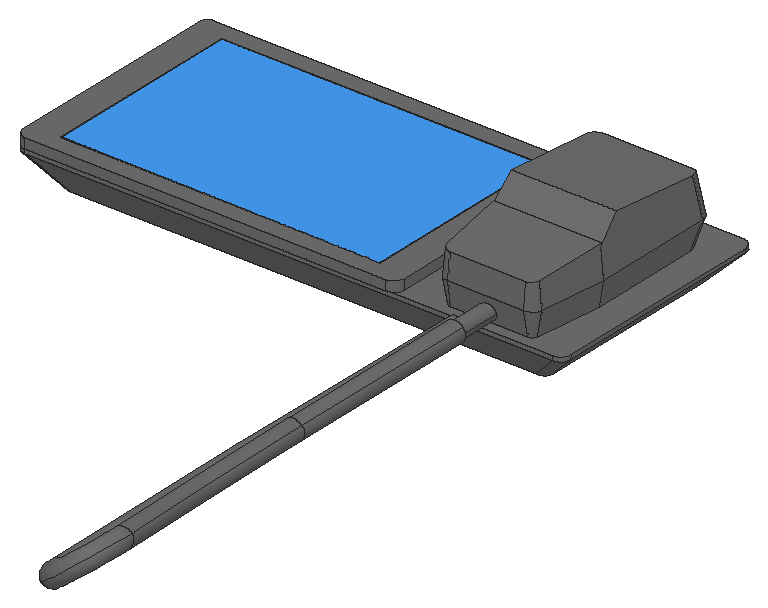
Revit family "Paging Station-Wall Mounted-Q-SYS-PS-TSCG3-H-Handheld Microphone", category Communication Devices, host Face, Revit 2022
Family settings
  Host = Face
  Round Connector Dimension = Use Diameter
  Part Type = Normal
  OmniClass Number = 23.85.10.17.11
  OmniClass Title = Audio-Visual System Components
  Cut with Voids When Loaded = No
  Maintain Annotation Orientation = No
  Shared = No
  Room Calculation Point = No
Parameters (values of type "10 " W x 5 " H x 2 " D")
  Width = 265.8 mm
  Weight Product = 1.18
  Weight Dimensional = 1.84
  Weight = 3.99 lbm
  URL = "https://www.qsys.com/"
  Type Comments = "10 \" W x 5 \" H x 2 \" D"
  Product Page URL = "https://www.qsys.com/products/q-sys/additional-peripherals/ps-tscg3-touchscreen-paging-station/"
  Product Documentation Link = "https://www.qsys.com/resource-files/productresources/dn/page-station_peripherals/ps-tscg3/q_dn_ps_tscg3_specsheet.pdf"
  Plan Symbol Vertical Offset [instance] = 0
  Plan Symbol Horizontal Offset [instance] = 0
  Part Number = ""
  Model = "PS-TSCG3-H"
  Manufacturer URL = "https://www.qsys.com/"
  Manufacturer = "Q-SYS"
  Length 5 = 11.0 mm
  Length 4 = 0.5 mm
  Length 3 = 7.0 mm
  Length 2 = 55.0 mm
  Length 1 = 5.0 mm
  LED Material = Plastic - Q-SYS - LED Blue
  IQ Category = "Paging Station"  # constant formula
  Highlight Material = Plastic - Q-SYS - Black WT
  Cord Material 2 = Plastic - Q-SYS - Black Cord 2
  Cord Material 1 = Plastic - Q-SYS - Black Cord 1
  Height = 115.6 mm
  Frame Depth = 2.0 mm
  Description = "Wall mounted page station with handheld microphone and an integrated push-to-talk button."
  Depth = 54.1 mm
  Default Elevation = 1219.2 mm
  Body Width = Width  # 265.8 mm
  Body Offset = 0.0 mm
  Body Material = Plastic - Q-SYS - Black
  Body Depth = 17.0 mm
Reference planes
  plane 1 "Center (Front/Back)": y = 0
  plane 2: z = 0
  plane 3 "Center (Left/Right)": x = 0
  plane 4 "Top": y = 57.8
  plane 5 "Bottom": y = -57.8
  plane 6 "Left": x = -132.9
  plane 7 "Right": x = 132.9
  plane 8 "body left": x = -132.9
  plane 9 "body right": x = 132.9
  plane 10 "Back": z = 0
  plane 11 "Front": z = 54.1
  plane 12 "body back": z = 0
  plane 13 "body front": z = 17
  plane 14 "screen front": z = 21.8
  plane 15: y = 48.8
  plane 16: y = -48.8
  plane 17: x = -117.9
  plane 18: x = 117.9
  plane 19: z = 6
  plane 20: z = 15
  plane 21 "screen right": x = 52.1
  plane 22: x = 37.1
  plane 23 "mic x cl": x = 92.5
  plane 24: z = 29
  plane 25: x = 72.456
  plane 26: y = -72.8
Forms (mm)
  Extrusion 1, solid, detail levels coarse
    sketch origin (0, 0, 0) x (1, 0, 0) y (0, 1, 0)
      loop
        line (-132.9, 57.8) -> (-132.9, -57.8) -> (132.9, -57.8) -> (132.9, 57.8) -> (-132.9, 57.8)
    from 0 to 54.1
  Blend 2, solid, material "Plastic - Q-SYS - Black" <- "Body Material", detail levels medium+fine
    base sketch origin (0, 0, 17) x (-1, 0, 0) y (0, -1, 0)
      loop
        arc (127.9, -57.8) -> (131.436, -56.336) -> (132.9, -52.8) r 5
        line (132.9, -52.8) -> (132.9, 52.8)
        arc (132.9, 52.8) -> (131.436, 56.336) -> (127.9, 57.8) r 5
        line (127.9, 57.8) -> (-127.9, 57.8)
        arc (-127.9, 57.8) -> (-131.436, 56.336) -> (-132.9, 52.8) r 5
        line (-132.9, 52.8) -> (-132.9, -52.8)
        arc (-132.9, -52.8) -> (-131.436, -56.336) -> (-127.9, -57.8) r 5
        line (-127.9, -57.8) -> (127.9, -57.8)
    top sketch origin (0, 0, 17) x (-1, 0, 0) y (0, -1, 0)
      loop
        arc (112.9, -48.8) -> (116.436, -47.336) -> (117.9, -43.8) r 5
        line (117.9, -43.8) -> (117.9, 43.8)
        arc (117.9, 43.8) -> (116.436, 47.336) -> (112.9, 48.8) r 5
        line (112.9, 48.8) -> (-112.9, 48.8)
        arc (-112.9, 48.8) -> (-116.436, 47.336) -> (-117.9, 43.8) r 5
        line (-117.9, 43.8) -> (-117.9, -43.8)
        arc (-117.9, -43.8) -> (-116.436, -47.336) -> (-112.9, -48.8) r 5
        line (-112.9, -48.8) -> (112.9, -48.8)
    from -2 to -17
  Extrusion 3, solid, material "Plastic - Q-SYS - Black" <- "Body Material", detail levels medium+fine
    sketch origin (0, 0, 54.1) x (-1, 0, 0) y (0, -1, 0)
      loop
        arc (127.9, -57.8) -> (131.436, -56.336) -> (132.9, -52.8) r 5
        line (132.9, -52.8) -> (132.9, 52.8)
        arc (132.9, 52.8) -> (131.436, 56.336) -> (127.9, 57.8) r 5
        line (127.9, 57.8) -> (-127.9, 57.8)
        arc (-127.9, 57.8) -> (-131.436, 56.336) -> (-132.9, 52.8) r 5
        line (-132.9, 52.8) -> (-132.9, -52.8)
        arc (-132.9, -52.8) -> (-131.436, -56.336) -> (-127.9, -57.8) r 5
        line (-127.9, -57.8) -> (127.9, -57.8)
    from -39.1 to -37.1
  Extrusion 4, solid, material "Plastic - Q-SYS - Black" <- "Body Material", detail levels medium+fine
    sketch origin (0, 0, 54.1) x (-1, 0, 0) y (0, -1, 0)
      loop
        arc (127.9, -57.8) -> (131.436, -56.336) -> (132.9, -52.8) r 5
        line (132.9, -52.8) -> (132.9, 52.8)
        arc (132.9, 52.8) -> (131.436, 56.336) -> (127.9, 57.8) r 5
        line (127.9, 57.8) -> (-47.1, 57.8)
        arc (-47.1, 57.8) -> (-50.636, 56.336) -> (-52.1, 52.8) r 5
        line (-52.1, 52.8) -> (-52.1, -52.8)
        arc (-52.1, -52.8) -> (-50.636, -56.336) -> (-47.1, -57.8) r 5
        line (-47.1, -57.8) -> (127.9, -57.8)
    from -32.3 to -37.1
  Extrusion 5, void
    sketch origin (0, 0, 21.8) x (-1, 0, 0) y (0, -1, 0)
      loop
        line (117.9, -48.8) -> (117.9, 48.8) -> (-37.1, 48.8) -> (-37.1, -48.8) -> (117.9, -48.8)
    from 0 to -2
  Extrusion 6, solid, material "Plastic - Q-SYS - LED Blue" <- "LED Material", detail levels medium+fine
    sketch origin (0, 0, 21.8) x (-1, 0, 0) y (0, -1, 0)
      loop
        line (117.9, 48.8) -> (-37.1, 48.8) -> (-37.1, -48.8) -> (117.9, -48.8) -> (117.9, 48.8)
    from 0 to -2
  Blend 7, solid, material "Plastic - Q-SYS - Black" <- "Body Material", detail levels fine
    base sketch origin (0, 0, 54.1) x (-1, 0, 0) y (0, -1, 0)
      loop
        arc (-70, -48) -> (-66.464, -46.536) -> (-65, -43) r 5
        line (-65, -43) -> (-65, 17) -> (-69.004, 49.609)
        arc (-69.004, 49.609) -> (-70.654, 52.745) -> (-73.967, 54) r 5
        line (-73.967, 54) -> (-111.033, 54)
        arc (-111.033, 54) -> (-114.346, 52.745) -> (-115.996, 49.609) r 5
        line (-115.996, 49.609) -> (-120, 17) -> (-120, -43)
        arc (-120, -43) -> (-118.536, -46.536) -> (-115, -48) r 5
        line (-115, -48) -> (-70, -48)
    top sketch origin (0, 0, 54.1) x (-1, 0, 0) y (0, -1, 0)
      loop
        line (-113, -43) -> (-72, -43)
        arc (-72, -43) -> (-68.464, -41.536) -> (-67, -38) r 5
        line (-67, -38) -> (-67, 16.878) -> (-70.989, 49.366)
        arc (-70.989, 49.366) -> (-71.979, 51.247) -> (-73.967, 52) r 3
        line (-73.967, 52) -> (-111.033, 52)
        arc (-111.033, 52) -> (-113.021, 51.247) -> (-114.011, 49.366) r 3
        line (-114.011, 49.366) -> (-118, 16.878) -> (-118, -38)
        arc (-118, -38) -> (-116.536, -41.536) -> (-113, -43) r 5
    from -25.1 to 0
  Blend 8, solid, material "Plastic - Q-SYS - Black" <- "Body Material", detail levels fine
    base sketch origin (0, 0, 54.1) x (-1, 0, 0) y (0, -1, 0)
      loop
        arc (-70, -48) -> (-66.464, -46.536) -> (-65, -43) r 5
        line (-65, -43) -> (-65, 17) -> (-69.004, 49.609)
        arc (-69.004, 49.609) -> (-70.654, 52.745) -> (-73.967, 54) r 5
        line (-73.967, 54) -> (-111.033, 54)
        arc (-111.033, 54) -> (-114.346, 52.745) -> (-115.996, 49.609) r 5
        line (-115.996, 49.609) -> (-120, 17) -> (-120, -43)
        arc (-120, -43) -> (-118.536, -46.536) -> (-115, -48) r 5
        line (-115, -48) -> (-70, -48)
    top sketch origin (0, 0, 54.1) x (-1, 0, 0) y (0, -1, 0)
      loop
        line (-113, -43) -> (-72, -43)
        arc (-72, -43) -> (-68.464, -41.536) -> (-67, -38) r 5
        line (-67, -38) -> (-67, 16.878) -> (-70.989, 49.366)
        arc (-70.989, 49.366) -> (-71.979, 51.247) -> (-73.967, 52) r 3
        line (-73.967, 52) -> (-111.033, 52)
        arc (-111.033, 52) -> (-113.021, 51.247) -> (-114.011, 49.366) r 3
        line (-114.011, 49.366) -> (-118, 16.878) -> (-118, -38)
        arc (-118, -38) -> (-116.536, -41.536) -> (-113, -43) r 5
    from -25.1 to -37.1
  Extrusion 9, void
    sketch origin (0, 0, 0) x (0, 1, 0) y (0, 0, 1)
      loop
        line (-6.323, 54.1) -> (72.78, 46.256)
        arc (72.78, 46.256) -> (-1.154, 73.035) -> (-72.313, 39.571) r 102.533
        line (-72.313, 39.571) -> (-15.917, 44.505) -> (-6.323, 54.1)
    from 0 to 167.624
  Extrusion 10, solid, material "Plastic - Q-SYS - Black" <- "Body Material", detail levels fine
    sketch origin (0, -57.8, 0) x (-1, 0, 0) y (0, 0, 1)
      loop
        circle (-92.5, 21.8) r 4
    from -15 to 9
  Sweep 11, solid, material "Plastic - Q-SYS - Black Cord 1" <- "Cord Material 1", detail levels fine
    path origin (92.5, -57.8, 21.8) x (-0.785342, 0, -0.619063) y (0, 1, 0)
      loop
        line (0, -15) -> (0, -112.5)
        arc (0, -112.5) -> (-3.422, -171.85) -> (-13.645, -230.414) r 516.317
        arc (-13.645, -230.414) -> (-0.896, -250.029) -> (18.159, -236.456) r 16.201
        arc (18.159, -236.456) -> (25.543, -118.147) -> (13.325, -0.239) r 716.689
    profile origin (92.5, -121.55, 21.8) x (-0.785342, 0, -0.619063) y (0.619063, 0, -0.785342)
      loop
        circle (0, 0) r 5
Cuts and joins
  Extrusion 5 cuts Extrusion 4
  Extrusion 9 cuts Blend 7
Lines and regions (mm)
  Masking region 1, detail levels coarse
    outline origin (0, 0, 0) x (1, 0, 0) y (0, 1, 0)
      loop
        line (-132.9, 57.8) -> (-132.9, -57.8) -> (132.9, -57.8) -> (132.9, 57.8) -> (-132.9, 57.8)
  Masking region 2, detail levels medium+fine
    outline origin (0, 0, 0) x (1, 0, 0) y (0, 0, 1)
      loop
        line (52.1, 21.8) -> (-132.9, 21.8) -> (-132.9, 15) -> (-117.9, 0) -> (117.9, 0) -> (132.9, 15) -> (132.9, 17) -> (52.1, 17) -> (52.1, 21.8)
  Masking region 3, detail levels coarse
    outline origin (0, 0, 0) x (0, 1, 0) y (0, 0, 1)
      loop
        line (-57.8, 54.1) -> (-57.8, 0) -> (57.8, 0) -> (57.8, 54.1) -> (-57.8, 54.1)
  Masking region 4, detail levels medium+fine
    outline origin (0, 0, 0) x (0, 1, 0) y (0, 0, 1)
      loop
        line (-57.8, 21.8) -> (-57.8, 15) -> (-48.8, 0) -> (48.8, 0) -> (57.8, 15) -> (57.8, 21.8) -> (-57.8, 21.8)
  Masking region 5, detail levels medium+fine
    outline origin (0, 0, 54.1) x (-1, 0, 0) y (0, -1, 0)
      loop
        line (-127.9, -57.8) -> (127.9, -57.8)
        arc (127.9, -57.8) -> (131.436, -56.336) -> (132.9, -52.8) r 5
        line (132.9, -52.8) -> (132.9, 52.8)
        arc (132.9, 52.8) -> (131.436, 56.336) -> (127.9, 57.8) r 5
        line (127.9, 57.8) -> (-127.9, 57.8)
        arc (-127.9, 57.8) -> (-131.436, 56.336) -> (-132.9, 52.8) r 5
        line (-132.9, 52.8) -> (-132.9, -52.8)
        arc (-132.9, -52.8) -> (-131.436, -56.336) -> (-127.9, -57.8) r 5
  Masking region 6, detail levels fine
    outline origin (0, 57.8, 0) x (-1, 0, 0) y (0, 0, 1)
      loop
        line (-65, 29) -> (-67, 54.1) -> (-118, 54.1) -> (-120, 29) -> (-118, 17) -> (-67, 17) -> (-65, 29)
  Masking region 7, detail levels fine
    outline origin (0, 0, 54.1) x (-1, 0, 0) y (0, -1, 0)
      loop
        line (-96.427, 72.8) -> (-96.427, 54) -> (-88.5, 54) -> (-88.5, 72.8) -> (-87.5, 72.8) -> (-87.5, 148.617)
        arc (-87.5, 148.617) -> (-89.348, 219.803) -> (-98.279, 290.45) r 713.893
        spline (-98.279, 290.45) -> (-98.474, 293.044) -> (-98.141, 295.552) -> (-97.302, 297.805) -> (-96.015, 299.647) -> (-94.368, 300.954) -> (-92.473, 301.636) -> (-90.458, 301.648) -> (-88.462, 300.987) -> (-86.62, 299.7) -> (-85.058, 297.874) -> (-83.882, 295.633) -> (-83.172, 293.131)
        arc (-83.172, 293.131) -> (-80.378, 175.393) -> (-86.851, 57.8) r 1496.683
        line (-86.851, 57.8) -> (-76.806, 57.8)
        arc (-76.806, 57.8) -> (-70.372, 175.71) -> (-73.192, 293.761) r 1506.683
        arc (-73.192, 293.761) -> (-75.31, 302.067) -> (-80.311, 309.028) r 23.098
        arc (-80.311, 309.028) -> (-90.789, 313.221) -> (-101.268, 309.028) r 15.191
        arc (-101.268, 309.028) -> (-107.264, 299.537) -> (-108.061, 288.339) r 23.034
        arc (-108.061, 288.339) -> (-99.301, 218.801) -> (-97.5, 148.738) r 703.893
        line (-97.5, 148.738) -> (-97.5, 72.8) -> (-96.427, 72.8)
  Masking region 8, detail levels fine
    outline origin (92.5, 0, 0) x (0, 1, 0) y (0, 0, 1)
      loop
        line (-6.323, 54.1) -> (-15.917, 44.505) -> (-53.023, 41.259) -> (-54, 29) -> (-53.467, 25.8) -> (-72.8, 25.8) -> (-72.8, 26.8) -> (-157.8, 26.8)
        arc (-157.8, 26.8) -> (-223.648, 28.872) -> (-289.236, 35.079) r 1047.529
        arc (-289.236, 35.079) -> (-300.718, 33.893) -> (-310.496, 27.758) r 25.457
        arc (-310.496, 27.758) -> (-313.587, 20.258) -> (-310.496, 12.758) r 10.645
        arc (-310.496, 12.758) -> (-299.924, 7.103) -> (-288.209, 4.548) r 43.523
        arc (-288.209, 4.548) -> (-171.136, 1.212) -> (-54.283, 9.138) r 1217.691
        line (-54.283, 9.138) -> (-57.8, 15) -> (-57.8, 17.439)
        arc (-57.8, 17.439) -> (-107.661, 13.633) -> (-157.615, 11.364) r 1624.745
        arc (-157.615, 11.364) -> (-224.183, 11.433) -> (-290.618, 15.632) r 1072.192
        arc (-290.618, 15.632) -> (-296.196, 16.641) -> (-301.524, 18.578) r 33.465
        arc (-301.524, 18.578) -> (-302.465, 21.282) -> (-300.656, 23.502) r 2.936
        arc (-300.656, 23.502) -> (-294.193, 25.151) -> (-287.523, 25.114) r 26.197
        arc (-287.523, 25.114) -> (-225.3, 18.881) -> (-162.8, 16.8) r 939.674
        line (-162.8, 16.8) -> (-72.8, 16.8) -> (-72.8, 17.8) -> (-52.133, 17.8) -> (-52, 17) -> (43, 17) -> (48, 29) -> (43.994, 49.11) -> (-6.323, 54.1)
  reference lines
    curve 1: line (92.5, -57.8, 21.8) -> (72.456, -57.8, 6)
  symbolic lines, style "Outline", detail levels medium+fine
    curve 2: line (-132.9, 0, 17) -> (52.1, 0, 17)
    curve 7: line (37.1, 48.8, 54.1) -> (-117.9, 48.8, 54.1)
    curve 8: line (-117.9, 48.8, 54.1) -> (-117.9, -48.8, 54.1)
    curve 9: line (-117.9, -48.8, 54.1) -> (37.1, -48.8, 54.1)
    curve 10: line (37.1, -48.8, 54.1) -> (37.1, 48.8, 54.1)
    curve 24: line (0, 57.8, 17) -> (0, -57.8, 17)
  symbolic lines, style "Outline", detail levels fine
    curve 3: line (65, 57.8, 29) -> (120, 57.8, 29)
    curve 4: spline (66.65, 57.8, 49.616) -> (66.676, 57.8, 49.553) -> (66.785, 57.8, 49.49) -> (66.974, 57.8, 49.429) -> (67.24, 57.8, 49.372) -> (67.58, 57.8, 49.318) -> (67.986, 57.8, 49.268) -> (68.453, 57.8, 49.225) -> (68.973, 57.8, 49.187) -> (69.538, 57.8, 49.157) -> (70.137, 57.8, 49.133) -> (70.762, 57.8, 49.118) -> (71.401, 57.8, 49.11)
    curve 5: line (71.401, 57.8, 49.11) -> (113.599, 57.8, 49.11)
    curve 6: spline (113.599, 57.8, 49.11) -> (114.238, 57.8, 49.118) -> (114.863, 57.8, 49.133) -> (115.462, 57.8, 49.157) -> (116.027, 57.8, 49.187) -> (116.547, 57.8, 49.225) -> (117.014, 57.8, 49.268) -> (117.42, 57.8, 49.318) -> (117.76, 57.8, 49.372) -> (118.026, 57.8, 49.429) -> (118.215, 57.8, 49.49) -> (118.324, 57.8, 49.553) -> (118.35, 57.8, 49.616)
    curve 11: line (65, 43, 54.1) -> (65, -17, 54.1)
    curve 12: line (120, -17, 54.1) -> (120, 43, 54.1)
    curve 13: line (115, 48, 54.1) -> (70, 48, 54.1)
    curve 14: arc (70, 48, 54.1) -> (66.464, 46.536, 54.1) -> (65, 43, 54.1) r 5
    curve 15: arc (120, 43, 54.1) -> (118.536, 46.536, 54.1) -> (115, 48, 54.1) r 5
    curve 16: line (65, -17, 54.1) -> (69.004, -49.609, 54.1)
    curve 17: arc (69.004, -49.609, 54.1) -> (70.654, -52.745, 54.1) -> (73.967, -54, 54.1) r 5
    curve 18: line (73.967, -54, 54.1) -> (111.033, -54, 54.1)
    curve 19: arc (111.033, -54, 54.1) -> (114.346, -52.745, 54.1) -> (115.996, -49.609, 54.1) r 5
    curve 20: line (115.996, -49.609, 54.1) -> (120, -17, 54.1)
    curve 21: line (88.5, -72.8, 54.1) -> (96.427, -72.8, 54.1)
    curve 22: line (118, -6.323, 54.1) -> (67, -6.323, 54.1)
    curve 23: line (118.765, -15.917, 54.1) -> (66.235, -15.917, 54.1)
    curve 25: line (92.5, -53.467, 25.8) -> (92.5, -52.133, 17.8)
    curve 26: line (92.5, -72.8, 25.8) -> (92.5, -72.8, 17.8)
    curve 27: line (92.5, 48, 29) -> (92.5, -54, 29)
Dimensions and locks
  "Height": plane 4 "Top" to plane 5 "Bottom"
  equal spacing: plane 6 "Left", plane 3 "Center (Left/Right)", plane 7 "Right"
  "Width": plane 6 "Left" to plane 7 "Right"
  "Depth": plane 11 "Front" to plane 12 "body back"
  "Body Offset": plane 12 "body back" to plane 10 "Back"
  equal spacing: plane 8 "body left", plane 3 "Center (Left/Right)", plane 9 "body right"
  "Body Width": plane 8 "body left" to plane 9 "body right"
  equal spacing: plane 4 "Top", plane 1 "Center (Front/Back)", plane 5 "Bottom"
  "Body Depth": plane 13 "body front" to plane 12 "body back"
  locked: plane 14 "screen front" to plane 13 "body front" at 4.8
  locked: plane 8 "body left" to plane 17 at 15
  plane 18 to plane 9 "body right" = 15.0 mm
  locked: plane 16 to plane 5 "Bottom" at 9
  locked: plane 4 "Top" to plane 15 at 9
  locked: plane 19 to plane 12 "body back" at 6
  plane 13 "body front" to plane 20 = 2.0 mm
  locked: plane 8 "body left" to plane 21 "screen right" at 185
  locked: plane 22 to plane 21 "screen right" at 15
  equal spacing: plane 21 "screen right", plane 23 "mic x cl", plane 9 "body right"
  locked: plane 24 to plane 12 "body back" at 29
  locked: plane 5 "Bottom" to plane 26 at 15
  "Length 1": radius of Blend 2 sketch curve  (x8)
  "Length 1": radius of Extrusion 3 sketch curve  (x4)
  "Length 1": radius of Extrusion 4 sketch curve  (x2)
  aligned and locked: plane 2 to host face
  aligned and locked: level to host face
  aligned and locked: plane 6 "Left" to Extrusion 1 sketch curve
  aligned and locked: Extrusion 1 sketch curve to plane 4 "Top"
  aligned and locked: Extrusion 1 sketch curve to plane 7 "Right"
  aligned and locked: plane 5 "Bottom" to Extrusion 1 sketch curve
  aligned and locked: level to plane 10 "Back"
  aligned and locked: plane 6 "Left" to Masking region 1 sketch curve
  aligned and locked: Masking region 1 sketch curve to plane 7 "Right"
  aligned and locked: Masking region 1 sketch curve to plane 4 "Top"
  aligned and locked: plane 5 "Bottom" to Masking region 1 sketch curve
  aligned and locked: Extrusion 1 to Masking region 2 sketch curve  (x3)
  aligned and locked: Extrusion 1 to plane 10 "Back"
  aligned and locked: plane 11 "Front" to Extrusion 1
  aligned and locked: Masking region 3 sketch curve to Extrusion 1  (x4)
  aligned and locked: plane 5 "Bottom" to Blend 2 sketch curve
  aligned and locked: Blend 2 sketch curve to plane 9 "body right"
  aligned and locked: plane 8 "body left" to Blend 2 sketch curve
  aligned and locked: Blend 2 sketch curve to plane 4 "Top"
  aligned and locked: plane 17 to Blend 2 sketch curve
  aligned and locked: Blend 2 sketch curve to plane 18
  aligned and locked: Blend 2 sketch curve to plane 15
  aligned and locked: plane 16 to Blend 2 sketch curve
  aligned and locked: Blend 2 to plane 20
  aligned and locked: plane 5 "Bottom" to Extrusion 3 sketch curve
  aligned and locked: Extrusion 3 sketch curve to plane 9 "body right"
  aligned and locked: Extrusion 3 sketch curve to plane 4 "Top"
  aligned and locked: plane 8 "body left" to Extrusion 3 sketch curve
  aligned and locked: plane 20 to Extrusion 3
  aligned and locked: plane 13 "body front" to Extrusion 3
  aligned and locked: Extrusion 4 sketch curve to Extrusion 3  (x2)
  aligned and locked: Extrusion 3 to Extrusion 4 sketch curve
  aligned and locked: Extrusion 4 sketch curve to plane 21 "screen right"
  aligned and locked: Extrusion 4 to plane 14 "screen front"
  aligned and locked: Extrusion 4 to plane 13 "body front"
  aligned and locked: plane 17 to Extrusion 5 sketch curve
  aligned and locked: Extrusion 5 sketch curve to plane 15
  aligned and locked: Extrusion 5 sketch curve to plane 22
  aligned and locked: plane 16 to Extrusion 5 sketch curve
  aligned and locked: Extrusion 6 sketch curve to cut or joined group of Extrusion 4, Extrusion 5  (x4)
  aligned and locked: Blend 8 to plane 13 "body front"
  aligned and locked: plane 11 "Front" to Blend 7
  aligned and locked: plane 24 to Blend 7
  aligned and locked: Blend 8 to plane 24
  aligned and locked: plane 25 to curve 1
  aligned and locked: plane 19 to curve 1
  aligned and locked: plane 23 "mic x cl" to curve 1
  aligned and locked: plane 14 "screen front" to curve 1
  aligned and locked: plane 23 "mic x cl" to Extrusion 10 sketch curve
  aligned and locked: plane 14 "screen front" to Extrusion 10 sketch curve
  aligned and locked: Extrusion 10 to plane 26
  aligned and locked: Blend 2 to plane 12 "body back"
  aligned and locked: plane 14 "screen front" to Masking region 2 sketch curve
  aligned and locked: plane 20 to Masking region 2 sketch curve  (x2)
  aligned and locked: Masking region 2 sketch curve to plane 13 "body front"
  aligned and locked: Masking region 2 sketch curve to plane 21 "screen right"
  aligned and locked: Masking region 2 to curve 2
  aligned and locked: curve 2 to Masking region 2  (x2)
  aligned and locked: Masking region 6 sketch curve to cut or joined group of Blend 7, Extrusion 9  (x3)
  aligned and locked: Masking region 6 sketch curve to Blend 8  (x2)
  aligned and locked: Masking region 5 sketch curve to cut or joined group of Extrusion 4, Extrusion 5  (x2)
  aligned and locked: Masking region 5 sketch curve to Extrusion 3  (x2)
  aligned and locked: curve 7 to Extrusion 6
  aligned and locked: curve 8 to Extrusion 6
  aligned and locked: curve 9 to Extrusion 6
  aligned and locked: curve 10 to Extrusion 6
  aligned and locked: Masking region 7 to curve 21  (x2)
  aligned and locked: curve 21 to Masking region 7
  aligned and locked: plane 14 "screen front" to Masking region 4 sketch curve
  aligned and locked: plane 20 to Masking region 4 sketch curve  (x2)
  aligned and locked: curve 24 to plane 13 "body front"
Automatic sketch dimensions
  host sketch curve to host sketch curve = 2438.4 mm  (x2)
  plane 18 to Blend 7 sketch curve = 0.1 mm
  Blend 7 sketch curve to plane 16 = 0.566 mm  (x2)
  Blend 7 sketch curve to plane 16 = 3.2 mm
  Blend 7 sketch curve to Blend 7 sketch curve = 2.978 mm
  Blend 7 sketch curve to plane 15 = 5.8 mm
  plane 21 "screen right" to Blend 7 sketch curve = 19.9 mm
  plane 21 "screen right" to Blend 7 sketch curve = 14.9 mm
  plane 1 "Center (Front/Back)" to Blend 7 sketch curve = 16.878 mm  (x2)
  Blend 7 sketch curve to plane 18 = 3.889 mm
  Blend 7 sketch curve to plane 18 = 4.9 mm
  Blend 7 sketch curve to plane 16 = 0.2 mm  (x2)
  Blend 7 sketch curve to plane 23 "mic x cl" = 18.533 mm  (x2)
  plane 18 to Blend 8 sketch curve = 2.1 mm
  Blend 8 sketch curve to plane 16 = 0.809 mm  (x2)
  Blend 8 sketch curve to plane 18 = 1.904 mm
  Blend 8 sketch curve to plane 15 = 0.8 mm
  Blend 8 sketch curve to plane 18 = 2.9 mm
  Blend 8 sketch curve to plane 16 = 0.2 mm  (x4)
  Blend 8 sketch curve to Blend 8 sketch curve = 4.963 mm
  Blend 8 sketch curve to plane 23 "mic x cl" = 18.533 mm  (x2)
  Blend 8 sketch curve to plane 15 = 5.8 mm
  plane 21 "screen right" to Blend 8 sketch curve = 17.9 mm
  plane 1 "Center (Front/Back)" to Blend 8 sketch curve = 17.0 mm  (x2)
  plane 18 to Blend 8 sketch curve = 0.1 mm
  Blend 8 sketch curve to plane 16 = 0.566 mm  (x2)
  Blend 8 sketch curve to plane 18 = 3.889 mm
  Blend 8 sketch curve to plane 18 = 4.9 mm
  Blend 8 sketch curve to Blend 8 sketch curve = 2.978 mm
  Blend 8 sketch curve to plane 15 = 10.8 mm
  plane 21 "screen right" to Blend 8 sketch curve = 19.9 mm
  Blend 8 sketch curve to Blend 8 sketch curve = 5.0 mm
  plane 1 "Center (Front/Back)" to Blend 8 sketch curve = 16.878 mm  (x2)
  plane 18 to Blend 7 sketch curve = 2.1 mm
  Blend 7 sketch curve to plane 16 = 0.809 mm  (x2)
  Blend 7 sketch curve to plane 18 = 1.904 mm
  Blend 7 sketch curve to plane 15 = 0.8 mm
  Blend 7 sketch curve to plane 18 = 2.9 mm
  plane 5 "Bottom" to Blend 7 sketch curve = 3.8 mm
  Blend 7 sketch curve to Blend 7 sketch curve = 4.963 mm
  plane 21 "screen right" to Blend 7 sketch curve = 17.9 mm
  plane 21 "screen right" to Blend 7 sketch curve = 12.9 mm
  plane 1 "Center (Front/Back)" to Blend 7 sketch curve = 17.0 mm  (x2)
  Sweep 11 sketch curve to profile plane = 0.0 mm  (x2)
  Sweep 11 sketch curve to curve 1 = 0.0 mm
  Sweep 11 sketch curve to curve 1 = 112.5 mm
  Sweep 11 sketch curve to curve 1 = 15.0 mm
  Sweep 11 sketch curve to curve 1 = 516.317 mm
  Sweep 11 sketch curve to Sweep 11 sketch curve = 174.679 mm
  curve 1 to Sweep 11 sketch curve = 2.128 mm
  curve 1 to Sweep 11 sketch curve = 132.81 mm
  Sweep 11 sketch curve to curve 1 = 234.113 mm
  Sweep 11 sketch curve to Sweep 11 sketch curve = 0.0 mm
  curve 1 to Sweep 11 sketch curve = 0.239 mm
  Sweep 11 sketch curve to curve 1 = 12.198 mm
  curve 24 to plane 5 "Bottom" = 0.0 mm
  curve 24 to plane 4 "Top" = 0.0 mm
  plane 5 "Bottom" to curve 18 = 3.8 mm
  curve 18 to plane 18 = 6.867 mm
  curve 13 to plane 15 = 0.8 mm
  curve 13 to plane 18 = 2.9 mm
  curve 20 to plane 16 = 0.809 mm
  curve 20 to plane 18 = 1.904 mm
  plane 18 to curve 12 = 2.1 mm
  curve 17 to plane 16 = 0.2 mm
  plane 25 to curve 17 = 1.511 mm
  curve 14 to plane 25 = 2.456 mm
  curve 16 to plane 16 = 0.809 mm
  curve 11 to plane 25 = 7.456 mm
  plane 1 "Center (Front/Back)" to curve 12 = 17.0 mm
  plane 1 "Center (Front/Back)" to curve 16 = 17.0 mm
  plane 18 to curve 22 = 0.1 mm
  plane 18 to curve 23 = 0.865 mm
  curve 22 to plane 25 = 5.456 mm
  curve 23 to curve 11 = 1.235 mm
  plane 1 "Center (Front/Back)" to curve 22 = 6.323 mm
  curve 23 to curve 11 = 1.083 mm
  Masking region 2 sketch curve to plane 17 = 0.0 mm
  Masking region 2 sketch curve to plane 18 = 0.0 mm
  Masking region 4 sketch curve to plane 5 "Bottom" = 0.0 mm
  Masking region 4 sketch curve to level = 0.0 mm
  Masking region 4 sketch curve to plane 16 = 0.0 mm
  Masking region 4 sketch curve to plane 15 = 0.0 mm
  Masking region 4 sketch curve to plane 4 "Top" = 0.0 mm
  Extrusion 9 sketch curve to plane 11 "Front" = 0.0 mm
  plane 26 to Extrusion 9 sketch curve = 0.487 mm
  plane 1 "Center (Front/Back)" to Extrusion 9 sketch curve = 15.917 mm
  plane 1 "Center (Front/Back)" to Extrusion 9 sketch curve = 6.323 mm
  Extrusion 9 sketch curve to plane 1 "Center (Front/Back)" = 3.565 mm
  Extrusion 9 sketch curve to plane 11 "Front" = 7.844 mm
  plane 4 "Top" to Extrusion 9 sketch curve = 14.98 mm
  Extrusion 9 sketch curve to plane 11 "Front" = 9.595 mm
  level to Extrusion 9 sketch curve = 39.571 mm
  curve 5 to plane 18 = 4.301 mm
  curve 5 to plane 25 = 1.055 mm
  curve 5 to plane 11 "Front" = 4.99 mm
  plane 18 to curve 6 = 0.45 mm
  curve 6 to curve 6 = 0.001 mm
  curve 5 to curve 6 = 0.264 mm
  curve 4 to curve 4 = 0.264 mm
  curve 4 to curve 4 = 4.751 mm
  curve 4 to curve 4 = 0.001 mm
  curve 4 to plane 11 "Front" = 4.495 mm
  curve 5 to curve 6 = 0.494 mm
  Masking region 7 sketch curve to Masking region 7 sketch curve = 0.0 mm  (x7)
  Masking region 7 sketch curve to plane 26 = 0.0 mm  (x2)
  Masking region 7 sketch curve to plane 5 "Bottom" = 0.0 mm
  Masking region 7 sketch curve to plane 26 = 125.986 mm
  plane 7 "Right" to Masking region 7 sketch curve = 1443.979 mm
  Masking region 7 sketch curve to plane 26 = 92.904 mm
  plane 7 "Right" to Masking region 7 sketch curve = 668.288 mm
  plane 23 "mic x cl" to Masking region 7 sketch curve = 5.0 mm
  plane 23 "mic x cl" to Masking region 7 sketch curve = 3.927 mm
  plane 23 "mic x cl" to Masking region 7 sketch curve = 3.744 mm
  Masking region 7 sketch curve to plane 23 "mic x cl" = 1.711 mm
  Masking region 7 sketch curve to plane 23 "mic x cl" = 4.0 mm
  Masking region 7 sketch curve to Masking region 7 sketch curve = 1.0 mm
  Masking region 7 sketch curve to Masking region 7 sketch curve = 1.649 mm
  Masking region 7 sketch curve to plane 23 "mic x cl" = 7.121 mm
  plane 25 to Masking region 7 sketch curve = 4.35 mm
  plane 5 "Bottom" to Masking region 7 sketch curve = 3.8 mm
  Masking region 7 sketch curve to plane 26 = 75.817 mm
  Masking region 7 sketch curve to Masking region 7 sketch curve = 0.12 mm
  Masking region 7 sketch curve to Masking region 7 sketch curve = 143.568 mm
  Masking region 7 sketch curve to Masking region 7 sketch curve = 0.047 mm
  Masking region 7 sketch curve to Masking region 7 sketch curve = 5.679 mm
  Masking region 7 sketch curve to Masking region 7 sketch curve = 2.035 mm
  Masking region 8 sketch curve to plane 26 = 0.0 mm  (x2)
  Masking region 8 sketch curve to plane 5 "Bottom" = 0.0 mm
  plane 24 to Masking region 8 sketch curve = 0.0 mm  (x2)
  Masking region 8 sketch curve to plane 13 "body front" = 0.0 mm
  Masking region 8 sketch curve to plane 11 "Front" = 0.0 mm
  plane 20 to Masking region 8 sketch curve = 0.0 mm
  plane 24 to Masking region 8 sketch curve = 2.2 mm
  Masking region 8 sketch curve to plane 26 = 85.0 mm
  Masking region 8 sketch curve to plane 13 "body front" = 0.2 mm
  Masking region 8 sketch curve to Masking region 8 sketch curve = 5.0 mm
  Masking region 8 sketch curve to Masking region 8 sketch curve = 31.99 mm
  Masking region 8 sketch curve to plane 26 = 122.227 mm
  Masking region 8 sketch curve to plane 26 = 133.572 mm
  Masking region 8 sketch curve to plane 11 "Front" = 6.157 mm
  Masking region 8 sketch curve to Masking region 8 sketch curve = 122.079 mm
  Masking region 8 sketch curve to Masking region 8 sketch curve = 2.592 mm
  Masking region 8 sketch curve to level = 0.851 mm
  Masking region 8 sketch curve to Masking region 8 sketch curve = 6.122 mm
  plane 19 to Masking region 8 sketch curve = 3.823 mm
  Masking region 8 sketch curve to Masking region 8 sketch curve = 1.43 mm
  Masking region 8 sketch curve to plane 14 "screen front" = 1.028 mm
  Masking region 8 sketch curve to Masking region 8 sketch curve = 7.143 mm
  Masking region 8 sketch curve to plane 14 "screen front" = 1.542 mm
  Masking region 8 sketch curve to Masking region 8 sketch curve = 3.368 mm
  plane 5 "Bottom" to Masking region 8 sketch curve = 3.517 mm
  plane 5 "Bottom" to Masking region 8 sketch curve = 3.8 mm
  Masking region 8 sketch curve to Masking region 8 sketch curve = 0.533 mm
  Masking region 8 sketch curve to plane 16 = 4.223 mm
  plane 13 "body front" to Masking region 8 sketch curve = 0.8 mm
  Masking region 8 sketch curve to plane 16 = 3.333 mm
  Masking region 8 sketch curve to Masking region 8 sketch curve = 0.133 mm
  plane 1 "Center (Front/Back)" to Masking region 8 sketch curve = 15.917 mm
  plane 1 "Center (Front/Back)" to Masking region 8 sketch curve = 6.323 mm
  Masking region 8 sketch curve to plane 15 = 5.8 mm
  Masking region 8 sketch curve to plane 15 = 4.806 mm
  Masking region 8 sketch curve to plane 15 = 0.8 mm
  plane 19 to Masking region 8 sketch curve = 3.138 mm
  plane 13 "body front" to Masking region 8 sketch curve = 0.439 mm
  Masking region 8 sketch curve to Masking region 8 sketch curve = 1.0 mm
  Masking region 8 sketch curve to plane 24 = 12.259 mm
  Masking region 8 sketch curve to plane 11 "Front" = 9.595 mm
  Masking region 8 sketch curve to Masking region 8 sketch curve = 1.006 mm
  Masking region 8 sketch curve to plane 11 "Front" = 4.99 mm
  plane 11 "Front" to Masking region 8 sketch curve = 902.374 mm
  Masking region 8 sketch curve to Masking region 8 sketch curve = 117.856 mm
  Masking region 8 sketch curve to Masking region 8 sketch curve = 8.743 mm
  Masking region 8 sketch curve to Masking region 8 sketch curve = 135.596 mm
  Masking region 8 sketch curve to Masking region 8 sketch curve = 416.709 mm
  Masking region 8 sketch curve to Masking region 8 sketch curve = 0.0 mm  (x7)
  curve 26 to plane 26 = 0.0 mm
  plane 24 to curve 27 = 0.0 mm
  plane 5 "Bottom" to curve 27 = 3.8 mm
  curve 27 to curve 25 = 0.533 mm
  plane 13 "body front" to curve 25 = 0.8 mm
  curve 25 to plane 16 = 3.333 mm
  curve 27 to plane 15 = 0.8 mm
  plane 24 to curve 25 = 3.2 mm
  plane 24 to curve 26 = 3.2 mm
  plane 13 "body front" to curve 26 = 0.8 mm
  Masking region 6 sketch curve to plane 13 "body front" = 0.0 mm
  curve 3 to plane 24 = 0.0 mm
  plane 18 to curve 3 = 2.1 mm
  curve 3 to plane 25 = 7.456 mm
  Extrusion 3 sketch curve to plane 4 "Top" = 0.0 mm
  radius of Extrusion 10 sketch curve = 4.0 mm
  radius of Sweep 11 sketch curve = 5.0 mm
Nested families
  nested 1: "Page Station_Symbol_Face_Based" at (0, 57.8, 0) x (-1, 0, 0) z (0, 1, 0), Horizontal Offset <- "Plan Symbol Horizontal Offset", Vertical Offset <- "Plan Symbol Vertical Offset", type "Page Station_Symbol_Face_Based", detail levels coarse
    with Wall Mounted yes, Vertical Offset 0, Length 2 2540.0 mm, Length 1 2540.0 mm, Horizontal Offset 0
Connectors
  electrical at (0, 0, 0)
    settings: on Blend 2, index 1, voltage 0 V, apparent load 0 VA, apparent load phase1 0 VA, apparent load phase2 0 VA, apparent load phase3 0 VA, power factor 1, load classification "Other", number of poles 1, system type 5, power factor state 1, is connector primary yes, connector utility no, sub classification motor no, connector description "Ethernet Network"
Definition of nested family "Page Station_Symbol_Face_Based"
  Parameters (values of type "Page Station_Symbol_Face_Based")
    Wall Mounted [instance] = yes
    Vertical Offset [instance] = 0
    Length 2 [instance] = (Vertical Offset * Generic Symbol Height) + 2540.0 mm  # 2540.0 mm
    Length 1 [instance] = (Horizontal Offset * Generic Symbol Width) + 2540.0 mm  # 2540.0 mm
    Horizontal Offset [instance] = 0
    Generic Symbol Width = 10.0 mm
    Generic Symbol Height = 10.0 mm
    Default Elevation = 1219.2 mm
  Reference planes
    plane 1 "Center (Front/Back)": y = 0
    plane 2: z = 0
    plane 3 "Center (Left/Right)": x = 0
    plane 4 "pivot x": x = -2540
    plane 5 "symbol x cl": x = 0
    plane 6 "pivot y": y = -2540
    plane 7 "symbol y cl": y = 0
  Forms (mm)
    Extrusion 1, solid
      sketch origin (0, 0, 0) x (1, 0, 0) y (0, 1, 0)
        loop
          line (-1219.2, 1219.2) -> (-1219.2, -1219.2) -> (1219.2, -1219.2) -> (1219.2, 1219.2) -> (-1219.2, 1219.2)
      from 0 to -304.8
  Dimensions and locks
    locked: plane 4 "pivot x" to plane 3 "Center (Left/Right)" at 2540
    "Length 1": plane 4 "pivot x" to plane 5 "symbol x cl"
    locked: plane 1 "Center (Front/Back)" to plane 6 "pivot y" at 2540
    "Length 2": plane 7 "symbol y cl" to plane 6 "pivot y"
    aligned and locked: plane 2 to Extrusion 1
    aligned and locked: level to Extrusion 1
    aligned and locked: plane 5 "symbol x cl" to nested 1
    aligned and locked: nested 1 to plane 7 "symbol y cl"
  Automatic sketch dimensions
    Extrusion 1 sketch curve to Extrusion 1 sketch curve = 2438.4 mm  (x2)
  Nested families
    nested 1: "Page Station_Symbol" at (0, 0, 0), Wall Mounted <- "Wall Mounted", type "PS"
      with Wall Mounted yes, Not Wall Mounted no, Length 1 6.35 mm
  Definition of nested family "Page Station_Symbol"
    Parameters (values of type "PS")
      Wall Mounted [instance] = yes
      Symbol Text = "PS"
      Symbol Radius = 5.0 mm
      Not Wall Mounted [instance] = not(Wall Mounted)  # no
      Length 1 [instance] = if(Wall Mounted, 6.35 mm, 0.0 mm)  # 6.35 mm
    Reference planes
      plane 1: y = 0
      plane 2: x = 0
    Lines and regions (mm)
      Masking region 1
        outline origin (0, 0, 0) x (1, 0, 0) y (0, 1, 0)
          loop
            circle (0, 6.35) r 5
      detail lines, visible <- "Wall Mounted"
        curve 1: line (-3.175, 0, 0) -> (3.175, 0, 0)
        curve 2: line (0, 0, 0) -> (0, 1.35, 0)
    Text (mm)
      label "PS" at (0.028, 8.002, 0), shows "Symbol Text", visible <- "Wall Mounted"
      label "PS" at (0.028, 1.92, 0), shows "Symbol Text", visible <- "Not Wall Mounted"
    Dimensions and locks
      "Length 1": plane 1 to Masking region 1 sketch curve
      "Symbol Radius": radius of Masking region 1 sketch curve
      aligned and locked: plane 2 to Masking region 1 sketch curve
      aligned and locked: curve 1 to curve 2
      aligned and locked: curve 2 to plane 2
      aligned and locked: plane 1 to curve 1
    Automatic sketch dimensions
      curve 1 to plane 2 = 3.175 mm
      plane 2 to curve 1 = 3.175 mm
      curve 2 to curve 2 = 1.35 mm
